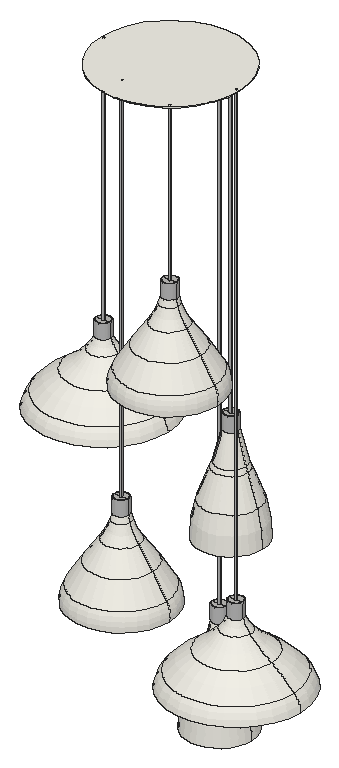
Revit family "Haworth_Swell_PendantSixandThreeLights", category Lighting Fixtures, Revit 2018
Family settings
  Round Connector Dimension = Use Diameter
  Part Type = Normal
  OmniClass Number = 23.80.70.11.14
  OmniClass Title = General Luminaries, Directional
  Work Plane-Based = No
  Always vertical = Yes
  Cut with Voids When Loaded = No
  Light Source = Yes
  Shared = No
  Room Calculation Point = No
Parameters (values of type "LSP6-3110")
  Wattage = 11 W
  built-in parameter 1150110 = 1 (stored number, unit not read)
  built-in parameter 1114217 = 1 (stored number, unit not read)
  Top Finish = Haworth _ Paint _ Collection White
  Tilt Angle = 60.00°
  Three Lights = no
  built-in parameter 1150109 = 1 (stored number, unit not read)
  built-in parameter 1150134 = (empty or 0)
  built-in parameter 1150113 = 1 (stored number, unit not read)
  Size = "Verify Final Dim. w/Haworth"  # constant formula
  Six Lights = not(Three Lights)  # yes
  Photometric Web File = "generic"
  built-in parameter 1150142 = (empty or 0)
  built-in parameter 1150105 = 63.901 (stored number, unit not read)
  Lumens = 803 lm
  built-in parameter 1150115 = 1 (stored number, unit not read)
  built-in parameter 1150137 = (empty or 0)
  built-in parameter 1150139 = (empty or 0)
  built-in parameter 1150112 = 1 (stored number, unit not read)
  built-in parameter 1150114 = 1 (stored number, unit not read)
  built-in parameter 1150132 = (empty or 0)
  built-in parameter 1150102 = (empty or 0)
  built-in parameter 1150107 = 3000 (stored number, unit not read)
  built-in parameter 1150138 = (empty or 0)
  built-in parameter 1150106 = 0.63901 (stored number, unit not read)
  Emit from Circle Diameter = 24"
  Emit Shape Visible in Rendering = no
  built-in parameter 1150104 = 6.7819 (stored number, unit not read)
  Dimming Lamp Color Temperature Shift = <None>
  Cords Finish = Haworth _ Paint _ Metallic Silver
  Wattage Comments = ""
  Warranty = "https://www.haworth.com/resources/product-info/warranties"
  URL - Product = "https://www.haworth.com/products/lighting/pendant/swell"
  URL = "http://www.haworth.com/our-brands/haworth-collection"
  Revision Number = "1"  # constant formula
  Model = "LSP6-3110"
  Manufacturer = "Haworth"  # constant formula
  Lamp Finish [instance] = Haworth _ Paint _ Collection White
  Glass Finish = Haworth _ Glass _ Clear
  Description = "Haworth Swell Pendants with Six Lights"
  Color Filter = 16777215
  built-in parameter 1114218 = 1 (stored number, unit not read)
  Author = "Haworth (Abd Rahman)"  # constant formula
  built-in parameter 1150133 = 10 (stored number, unit not read)
  Assembly Code = "D5020200"
  Actual Width = if(Three Lights, 28", 31 1/2")  # 31 1/2"
  Actual Height = 120"  # constant formula
Types (2): name | Three Lights | built-in parameter 1150134 | Six Lights | built-in parameter 1150107 | Model | Description | Actual Width
  LSP3-2810 | yes | 3 | no | 3200 (stored number, unit not read) | "LSP3-2810" | "Haworth Swell Pendants with Three Lights" | 28"
  LSP6-3110 | no | (empty or 0) | yes | 3000 (stored number, unit not read) | "LSP6-3110" | "Haworth Swell Pendants with Six Lights" | 31 1/2"
Reference planes (in)
  plane 1 "Center F/B": y = 8.82887
  plane 2 "Base": z = 0
  plane 3 "Center L/R": x = -16.34139
  plane 4 "Cord Top": z = 120
  plane 5: y = 20.82887
  plane 6: y = -3.51164
  plane 7 "Cord": z = 119.9243
  plane 8: x = -0.59139
  plane 9: x = -32.09139
Forms (in)
  Revolve 1, solid, material "Haworth _ Paint _ Metallic Silver" <- "Cords Finish", visible <- "Six Lights"
    sketch origin (8.04535, 8.82887, 0.58881) x (1, 0, 0) y (0, 0, 1)
      loop
        line (-16.34139, 119.33549) -> (-16.34139, 63.19439) -> (-16.216, 63.19439) -> (-16.216, 119.33549) -> (-16.34139, 119.33549)
      axis (-16.34139, 119.33549) -> (-16.34139, 63.19439)
    angle from 0 to 360
  Revolve 2, solid, material "Haworth _ Paint _ Metallic Silver" <- "Cords Finish"
    sketch origin (-7.95465, 8.82887, 0.58881) x (1, 0, 0) y (0, 0, 1)
      loop
        line (-16.65389, 119.33549) -> (-16.65389, 88.31237) -> (-16.5285, 88.31237) -> (-16.5285, 119.33549) -> (-16.65389, 119.33549)
      axis (-16.65389, 119.33549) -> (-16.65389, 88.31237)
    angle from 0 to 360
  Extrusion 3, solid, material "Haworth _ Paint _ Collection White" <- "Top Finish"
    sketch origin (0, -1.39874, 90.88819) x (0, 1, 0) y (-1, 0, 0)
      loop
        circle (10.2276, 16.34139) r 8.5
    from 29.03611 to 29.11181
  Revolve 4, solid, material "Haworth _ Paint _ Metallic Silver" <- "Cords Finish"
    sketch origin (-7.95465, 8.82887, 25.72936) x (1, 0, 0) y (0, 0, 1)
      loop
        line (-16.65389, 63.17182) -> (-16.65389, 63.07636) -> (-15.85704, 63.07636) -> (-15.85704, 63.17182) -> (-16.65389, 63.17182)
      axis (-16.65389, 63.17182) -> (-16.65389, 63.07636)
    angle from 0 to 360
  Revolve 5, solid, material "Haworth _ Paint _ Metallic Silver" <- "Cords Finish"
    sketch origin (-7.95465, 8.82887, 25.72936) x (1, 0, 0) y (0, 0, 1)
      loop
        line (-15.77963, 63.17182) -> (-16.65389, 63.17182) -> (-16.65389, 61.42871) -> (-15.77963, 61.42871) -> (-15.77963, 63.17182)
      axis (-16.65389, 63.17182) -> (-16.65389, 61.42871)
    angle from 0 to 360
  Revolve 6, solid, material "Haworth _ Paint _ Metallic Silver" <- "Cords Finish", visible <- "Six Lights"
    sketch origin (8.04093, 8.82887, 0.61138) x (1, 0, 0) y (0, 0, 1)
      loop
        line (-16.34139, 63.17182) -> (-16.34139, 63.07636) -> (-15.54454, 63.07636) -> (-15.54454, 63.17182) -> (-16.34139, 63.17182)
      axis (-16.34139, 63.17182) -> (-16.34139, 63.07636)
    angle from 0 to 360
  Revolve 7, solid, material "Haworth _ Paint _ Metallic Silver" <- "Cords Finish", visible <- "Six Lights"
    sketch origin (8.05655, 8.82887, 0.61138) x (1, 0, 0) y (0, 0, 1)
      loop
        line (-15.46713, 63.17182) -> (-16.34139, 63.17182) -> (-16.34139, 61.41027) -> (-15.46713, 61.41027) -> (-15.46713, 63.17182)
      axis (-16.34139, 63.17182) -> (-16.34139, 61.41027)
    angle from 0 to 360
  Revolve 8, solid, material "Haworth _ Paint _ Metallic Silver" <- "Cords Finish"
    sketch origin (4.90863, 2.57887, 0.58881) x (1, 0, 0) y (0, 0, 1)
      loop
        line (-16.34139, 119.33549) -> (-16.34139, 100.06237) -> (-16.216, 100.06237) -> (-16.216, 119.33549) -> (-16.34139, 119.33549)
      axis (-16.34139, 119.33549) -> (-16.34139, 100.06237)
    angle from 0 to 360
  Revolve 9, solid, material "Haworth _ Paint _ Metallic Silver" <- "Cords Finish"
    sketch origin (4.91574, 2.57887, 37.47936) x (1, 0, 0) y (0, 0, 1)
      loop
        line (-16.34139, 63.17182) -> (-16.34139, 63.07636) -> (-15.54454, 63.07636) -> (-15.54454, 63.17182) -> (-16.34139, 63.17182)
      axis (-16.34139, 63.17182) -> (-16.34139, 63.07636)
    angle from 0 to 360
  Revolve 10, solid, material "Haworth _ Paint _ Metallic Silver" <- "Cords Finish"
    sketch origin (4.91574, 2.57887, 37.47936) x (1, 0, 0) y (0, 0, 1)
      loop
        line (-15.46713, 63.17182) -> (-16.34139, 63.17182) -> (-16.34139, 61.41027) -> (-15.46713, 61.41027) -> (-15.46713, 63.17182)
      axis (-16.34139, 63.17182) -> (-16.34139, 61.41027)
    angle from 0 to 360
  Revolve 11, solid, material "Haworth _ Paint _ Metallic Silver" <- "Cords Finish", visible <- "Six Lights"
    sketch origin (-1.77036, 3.42722, 0.58881) x (1, 0, 0) y (0, 0, 1)
      loop
        line (-16.34139, 119.33549) -> (-16.34139, 73.48993) -> (-16.216, 73.48993) -> (-16.216, 119.33549) -> (-16.34139, 119.33549)
      axis (-16.34139, 119.33549) -> (-16.34139, 73.48993)
    angle from 0 to 360
  Revolve 12, solid, material "Haworth _ Paint _ Metallic Silver" <- "Cords Finish", visible <- "Six Lights"
    sketch origin (-1.74491, 3.42722, 10.90692) x (1, 0, 0) y (0, 0, 1)
      loop
        line (-16.34139, 63.17182) -> (-16.34139, 63.07636) -> (-15.54454, 63.07636) -> (-15.54454, 63.17182) -> (-16.34139, 63.17182)
      axis (-16.34139, 63.17182) -> (-16.34139, 63.07636)
    angle from 0 to 360
  Revolve 13, solid, material "Haworth _ Paint _ Metallic Silver" <- "Cords Finish", visible <- "Six Lights"
    sketch origin (-1.74491, 3.42722, 10.90692) x (1, 0, 0) y (0, 0, 1)
      loop
        line (-15.46713, 63.17182) -> (-16.34139, 63.17182) -> (-16.34139, 61.41027) -> (-15.46713, 61.41027) -> (-15.46713, 63.17182)
      axis (-16.34139, 63.17182) -> (-16.34139, 61.41027)
    angle from 0 to 360
  Revolve 14, solid, material "Haworth _ Paint _ Metallic Silver" <- "Cords Finish"
    sketch origin (4.16741, 12.83878, 0.56751) x (1, 0, 0) y (0, 0, 1)
      loop
        line (-16.34139, 119.33549) -> (-16.34139, 80.73993) -> (-16.216, 80.73993) -> (-16.216, 119.33549) -> (-16.34139, 119.33549)
      axis (-16.34139, 119.33549) -> (-16.34139, 80.73993)
    angle from 0 to 360
  Revolve 15, solid, material "Haworth _ Paint _ Metallic Silver" <- "Cords Finish"
    sketch origin (4.19286, 12.83878, 18.13563) x (1, 0, 0) y (0, 0, 1)
      loop
        line (-16.34139, 63.17182) -> (-16.34139, 63.07636) -> (-15.54454, 63.07636) -> (-15.54454, 63.17182) -> (-16.34139, 63.17182)
      axis (-16.34139, 63.17182) -> (-16.34139, 63.07636)
    angle from 0 to 360
  Revolve 16, solid, material "Haworth _ Paint _ Metallic Silver" <- "Cords Finish"
    sketch origin (4.19286, 12.83878, 18.13563) x (1, 0, 0) y (0, 0, 1)
      loop
        line (-15.46713, 63.17182) -> (-16.34139, 63.17182) -> (-16.34139, 61.41027) -> (-15.46713, 61.41027) -> (-15.46713, 63.17182)
      axis (-16.34139, 63.17182) -> (-16.34139, 61.41027)
    angle from 0 to 360
  Revolve 17, solid, material "Haworth _ Paint _ Metallic Silver" <- "Cords Finish", visible <- "Six Lights"
    sketch origin (-0.39865, 16.83161, -0.01272) x (1, 0, 0) y (0, 0, 1)
      loop
        line (-16.34139, 119.9243) -> (-16.34139, 56.86132) -> (-16.216, 56.86132) -> (-16.216, 119.9243) -> (-16.34139, 119.9243)
      axis (-16.34139, 119.9243) -> (-16.34139, 56.86132)
    angle from 0 to 360
  Revolve 18, solid, material "Haworth _ Paint _ Metallic Silver" <- "Cords Finish", visible <- "Six Lights"
    sketch origin (-0.39678, 16.83161, -6.32321) x (1, 0, 0) y (0, 0, 1)
      loop
        line (-16.34139, 63.17182) -> (-16.34139, 63.07636) -> (-15.54454, 63.07636) -> (-15.54454, 63.17182) -> (-16.34139, 63.17182)
      axis (-16.34139, 63.17182) -> (-16.34139, 63.07636)
    angle from 0 to 360
  Revolve 19, solid, material "Haworth _ Paint _ Metallic Silver" <- "Cords Finish", visible <- "Six Lights"
    sketch origin (-0.39678, 16.83161, -6.32321) x (1, 0, 0) y (0, 0, 1)
      loop
        line (-15.46713, 63.17182) -> (-16.34139, 63.17182) -> (-16.34139, 61.41027) -> (-15.46713, 61.41027) -> (-15.46713, 63.17182)
      axis (-16.34139, 63.17182) -> (-16.34139, 61.41027)
    angle from 0 to 360
Lines and regions (in)
  symbolic lines, style "Haworth", not visible
    curve 1: circle (-11.41812, 2.49268, 90.88819) r 0.87427 normal (0, 0, 1)
    curve 2: circle (-11.41812, 2.49268, 90.88819) r 0.79685 normal (0, 0, 1)
    curve 3: arc (-11.27297, 2.51299, 90.88819) -> (-11.46695, 2.61799, 90.88819) -> (-11.44879, 2.39816, 90.88819) r 0.12541
  symbolic lines, style "Haworth"
    curve 4: circle (-24.6077, 8.82887, 90.88819) r 0.87367 normal (0, 0, 1)
    curve 5: circle (-24.6077, 8.82887, 90.88819) r 0.79625 normal (0, 0, 1)
    curve 8: circle (-11.41457, 2.4925, 90.88819) r 0.87367 normal (0, 0, 1)
    curve 9: circle (-11.41457, 2.4925, 90.88819) r 0.79625 normal (0, 0, 1)
    curve 12: circle (-12.14498, 12.8386, 90.88819) r 0.87367 normal (0, 0, 1)
    curve 13: circle (-12.14498, 12.8386, 90.88819) r 0.79625 normal (0, 0, 1)
  symbolic lines, style "Haworth", visible <- "Six Lights"
    curve 6: circle (-18.08275, 3.42703, 90.88819) r 0.87367 normal (0, 0, 1)
    curve 7: circle (-18.08275, 3.42703, 90.88819) r 0.79625 normal (0, 0, 1)
    curve 10: circle (-8.32443, 8.82821, 90.88819) r 0.87367 normal (0, 0, 1)
    curve 11: circle (-8.32443, 8.82821, 90.88819) r 0.79625 normal (0, 0, 1)
    curve 14: circle (-16.73462, 16.83143, 90.88819) r 0.87367 normal (0, 0, 1)
    curve 15: circle (-16.73462, 16.83143, 90.88819) r 0.79625 normal (0, 0, 1)
Dimensions and locks (in)
  plane 5 to plane 6 = 24.34051"
  "Actual Height": plane 4 "Cord Top" to plane 2 "Base"
  equal spacing: plane 9, plane 3 "Center L/R", plane 8
  "Actual Width": plane 9 to plane 8
  aligned and locked: Revolve 1 sketch curve to Revolve 1 sketch curve
  aligned and locked: Revolve 2 sketch curve to Revolve 2 sketch curve
  aligned and locked: Extrusion 3 to plane 4 "Cord Top"
  aligned and locked: Extrusion 3 to plane 7 "Cord"
  aligned and locked: plane 7 "Cord" to Revolve 1
  aligned and locked: plane 7 "Cord" to Revolve 2  (x2)
  aligned and locked: Revolve 8 sketch curve to Revolve 8 sketch curve
  aligned and locked: Revolve 10 sketch curve to Revolve 9
  aligned and locked: Revolve 11 sketch curve to Revolve 11 sketch curve
  aligned and locked: Revolve 13 sketch curve to Revolve 12
  aligned and locked: Revolve 14 sketch curve to Revolve 14 sketch curve
  aligned and locked: Revolve 16 sketch curve to Revolve 15
  aligned and locked: Revolve 17 sketch curve to Revolve 17 sketch curve
  aligned and locked: Revolve 19 sketch curve to Revolve 18
  aligned and locked: Revolve 10 to Revolve 8
  aligned and locked: Revolve 5 to Revolve 2
  aligned and locked: Revolve 13 to Revolve 11
  aligned and locked: Revolve 16 to Revolve 14
  aligned and locked: Revolve 7 to Revolve 1
  aligned and locked: Revolve 19 to Revolve 17
  aligned and locked: nested 2 to Revolve 7
  aligned and locked: Revolve 19 to nested 6
  aligned and locked: Revolve 16 to nested 5
  aligned and locked: nested 3 to Revolve 13
  aligned and locked: Revolve 5 to nested 1
  aligned and locked: Revolve 10 to nested 4
  aligned and locked: Revolve 4 to Revolve 2
Automatic sketch dimensions
  plane 1 "Center F/B" to Extrusion 3 sketch curve = 0"
  Extrusion 3 sketch curve to plane 3 "Center L/R" = 0"
  Revolve 1 sketch curve to plane 7 "Cord" = 0"
  Revolve 1 sketch curve to Revolve 1 sketch curve = 0.12539"
  Revolve 1 sketch curve to plane 7 "Cord" = 56.1411"
  Revolve 1 sketch curve to plane 7 "Cord" = 0.07522"
  Revolve 1 sketch curve to Revolve 1 sketch curve = 0.10622"
  Revolve 2 sketch curve to plane 7 "Cord" = 0"
  Revolve 2 sketch curve to Revolve 2 sketch curve = 0.12539"
  Revolve 2 sketch curve to plane 7 "Cord" = 31.02312"
  Revolve 2 sketch curve to plane 7 "Cord" = 0.07522"
  Revolve 2 sketch curve to Revolve 2 sketch curve = 25.2242"
  Revolve 4 sketch curve to Revolve 4 sketch curve = 0.79685"
  Revolve 4 sketch curve to plane 7 "Cord" = 31.11858"
  Revolve 4 sketch curve to Revolve 4 sketch curve = 0.09546"
  Revolve 4 sketch curve to Revolve 4 sketch curve = 0"  (x3)
  Revolve 5 sketch curve to Revolve 5 sketch curve = 0.87427"
  Revolve 5 sketch curve to plane 7 "Cord" = 32.76622"
  Revolve 5 sketch curve to Revolve 5 sketch curve = 1.74311"
  Revolve 5 sketch curve to Revolve 5 sketch curve = 0"  (x2)
  Revolve 5 sketch curve to Revolve 5 sketch curve = 0.01845"
  Revolve 6 sketch curve to Revolve 6 sketch curve = 0.79685"
  Revolve 6 sketch curve to plane 7 "Cord" = 56.23656"
  Revolve 6 sketch curve to Revolve 6 sketch curve = 0.09546"
  Revolve 6 sketch curve to Revolve 6 sketch curve = 0"  (x3)
  Revolve 7 sketch curve to Revolve 7 sketch curve = 0.87427"
  Revolve 7 sketch curve to plane 7 "Cord" = 57.90265"
  Revolve 7 sketch curve to Revolve 7 sketch curve = 1.76155"
  Revolve 7 sketch curve to Revolve 7 sketch curve = 0"  (x3)
  Revolve 8 sketch curve to plane 7 "Cord" = 0"
  plane 3 "Center L/R" to Revolve 8 sketch curve = 4.90863"
  Revolve 8 sketch curve to Revolve 8 sketch curve = 0.12539"
  Revolve 8 sketch curve to plane 7 "Cord" = 19.27312"
  Revolve 8 sketch curve to plane 7 "Cord" = 0.07522"
  Revolve 8 sketch curve to Revolve 8 sketch curve = 36.9742"
  plane 3 "Center L/R" to Revolve 9 sketch curve = 4.91574"
  Revolve 9 sketch curve to Revolve 9 sketch curve = 0.79685"
  Revolve 9 sketch curve to plane 7 "Cord" = 19.36858"
  Revolve 9 sketch curve to Revolve 9 sketch curve = 0.09546"
  Revolve 9 sketch curve to Revolve 9 sketch curve = 0"  (x3)
  plane 3 "Center L/R" to Revolve 10 sketch curve = 4.91574"
  Revolve 10 sketch curve to Revolve 10 sketch curve = 0.87427"
  Revolve 10 sketch curve to Revolve 10 sketch curve = 1.76155"
  Revolve 10 sketch curve to Revolve 10 sketch curve = 0"  (x3)
  Revolve 11 sketch curve to plane 7 "Cord" = 0"
  Revolve 11 sketch curve to plane 3 "Center L/R" = 1.77036"
  Revolve 11 sketch curve to Revolve 11 sketch curve = 0.12539"
  Revolve 11 sketch curve to plane 7 "Cord" = 45.84556"
  Revolve 11 sketch curve to plane 7 "Cord" = 0.07522"
  Revolve 11 sketch curve to Revolve 11 sketch curve = 10.40176"
  Revolve 12 sketch curve to plane 3 "Center L/R" = 1.74491"
  Revolve 12 sketch curve to Revolve 12 sketch curve = 0.79685"
  Revolve 12 sketch curve to plane 7 "Cord" = 45.94102"
  Revolve 12 sketch curve to Revolve 12 sketch curve = 0.09546"
  Revolve 12 sketch curve to Revolve 12 sketch curve = 0"  (x3)
  Revolve 13 sketch curve to plane 3 "Center L/R" = 1.74491"
  Revolve 13 sketch curve to plane 3 "Center L/R" = 0.87064"
  Revolve 13 sketch curve to Revolve 13 sketch curve = 1.76155"
  Revolve 13 sketch curve to Revolve 13 sketch curve = 0"  (x3)
  Revolve 14 sketch curve to plane 7 "Cord" = 0.02129"
  plane 3 "Center L/R" to Revolve 14 sketch curve = 4.16741"
  Revolve 14 sketch curve to Revolve 14 sketch curve = 0.12539"
  Revolve 14 sketch curve to Revolve 14 sketch curve = 38.59556"
  Revolve 14 sketch curve to Revolve 14 sketch curve = 0.07522"
  Revolve 14 sketch curve to Revolve 14 sketch curve = 17.65176"
  plane 3 "Center L/R" to Revolve 15 sketch curve = 4.19286"
  Revolve 15 sketch curve to Revolve 15 sketch curve = 0.79685"
  Revolve 15 sketch curve to plane 7 "Cord" = 38.71231"
  Revolve 15 sketch curve to Revolve 15 sketch curve = 0.09546"
  Revolve 15 sketch curve to Revolve 15 sketch curve = 0"  (x3)
  plane 3 "Center L/R" to Revolve 16 sketch curve = 4.19286"
  Revolve 16 sketch curve to Revolve 16 sketch curve = 0.87427"
  Revolve 16 sketch curve to Revolve 16 sketch curve = 1.76155"
  Revolve 16 sketch curve to Revolve 16 sketch curve = 0"  (x3)
  Revolve 17 sketch curve to plane 7 "Cord" = 0.01272"
  Revolve 17 sketch curve to plane 3 "Center L/R" = 0.39865"
  Revolve 17 sketch curve to Revolve 17 sketch curve = 0.12539"
  level to Revolve 17 sketch curve = 56.84861"
  Revolve 17 sketch curve to Revolve 17 sketch curve = 0.66403"
  Revolve 17 sketch curve to Revolve 17 sketch curve = 6.22685"
  Revolve 18 sketch curve to plane 3 "Center L/R" = 0.39678"
  plane 3 "Center L/R" to Revolve 18 sketch curve = 0.40007"
  level to Revolve 18 sketch curve = 56.75315"
  Revolve 18 sketch curve to Revolve 18 sketch curve = 0.09546"
  Revolve 18 sketch curve to Revolve 18 sketch curve = 0"  (x3)
  Revolve 19 sketch curve to plane 3 "Center L/R" = 0.39678"
  plane 3 "Center L/R" to Revolve 19 sketch curve = 0.47748"
  Revolve 19 sketch curve to Revolve 19 sketch curve = 1.76155"
  Revolve 19 sketch curve to Revolve 19 sketch curve = 0"  (x3)
  curve 1 to curve 2 = 0"  (x2)
  curve 4 to curve 5 = 0"  (x3)
  curve 6 to curve 7 = 0"  (x2)
  curve 8 to curve 9 = 0"  (x2)
  curve 10 to curve 11 = 0"  (x2)
  curve 12 to curve 13 = 0"  (x2)
  curve 14 to curve 15 = 0"  (x2)
  plane 1 "Center F/B" to curve 11 = 0.00066"
  curve 6 to plane 3 "Center L/R" = 1.74136"
  plane 1 "Center F/B" to curve 6 = 5.40183"
  plane 6 to curve 3 = 6.02463"
  curve 8 to curve 1 = 0.00018"
  curve 13 to plane 1 "Center F/B" = 4.00973"
  curve 15 to plane 3 "Center L/R" = 0.39323"
  curve 15 to plane 5 = 3.99743"
  plane 3 "Center L/R" to curve 1 = 4.92327"
  curve 9 to curve 1 = 0.00355"
  curve 3 to curve 8 = 0.01619"
  curve 10 to curve 12 = 3.82054"
  curve 3 to curve 3 = 0.11483"
  plane 1 "Center F/B" to curve 5 = 0"
  curve 8 to curve 3 = 0.02049"
  curve 3 to curve 3 = 0.12541"
  curve 10 to curve 3 = 2.94854"
  plane 3 "Center L/R" to Revolve 1 sketch curve = 8.04535"
  plane 3 "Center L/R" to Revolve 6 sketch curve = 8.04093"
  plane 3 "Center L/R" to Revolve 7 sketch curve = 8.05655"
  curve 4 to plane 3 "Center L/R" = 8.26631"
  Revolve 2 sketch curve to plane 3 "Center L/R" = 8.26715"
  Revolve 4 sketch curve to plane 3 "Center L/R" = 8.26715"
  Revolve 5 sketch curve to plane 3 "Center L/R" = 8.26715"
  radius of Extrusion 3 sketch curve = 8 1/2"
  radius of curve 1 = 0.87427"
  radius of curve 2 = 0.79685"
  radius of curve 4 = 0.87367"
  radius of curve 5 = 0.79625"
  radius of curve 6 = 0.87367"
  radius of curve 7 = 0.79625"
  radius of curve 8 = 0.87367"
  radius of curve 9 = 0.79625"
  radius of curve 10 = 0.87367"
  radius of curve 11 = 0.79625"
  radius of curve 12 = 0.87367"
  radius of curve 13 = 0.79625"
  radius of curve 14 = 0.87367"
  radius of curve 15 = 0.79625"
Nested families (in)
  nested 1: "Haworth_Swell_Lamp" at (-8.26754, 0.01488, 25.74781), Lamp Finish <- "Lamp Finish", type "Large"
    with Small no, Medium no, Large yes, Lamp Finish Haworth _ Paint _ Collection White
  nested 2: "Haworth_Swell_Lamp" at (8.0625, 0.01488, 0.61138), visible <- "Six Lights", Lamp Finish <- "Lamp Finish", type "Large"
    with Small no, Medium no, Large yes, Lamp Finish Haworth _ Paint _ Collection White
  nested 3: "Haworth_Swell_Lamp" at (-1.74454, -5.36156, 10.90692), visible <- "Six Lights", Lamp Finish <- "Lamp Finish", type "Medium"
    with Small no, Medium yes, Large no, Lamp Finish Haworth _ Paint _ Collection White
  nested 4: "Haworth_Swell_Lamp" at (4.91561, -6.31711, 37.47936), Lamp Finish <- "Lamp Finish", type "Medium"
    with Small no, Medium yes, Large no, Lamp Finish Haworth _ Paint _ Collection White
  nested 5: "Haworth_Swell_Lamp" at (4.19686, 4.02153, 18.13563), Lamp Finish <- "Lamp Finish", type "Small"
    with Small yes, Medium no, Large no, Lamp Finish Haworth _ Paint _ Collection White
  nested 6: "Haworth_Swell_Lamp" at (-0.37736, 8.00479, -6.32321), visible <- "Six Lights", Lamp Finish <- "Lamp Finish", type "Small"
    with Small yes, Medium no, Large no, Lamp Finish Haworth _ Paint _ Collection White
Connectors (in)
  electrical at (-16.34139, 8.82887, 120)
    settings: on Extrusion 3, index 1, voltage 0 V, apparent load 0 VA, apparent load phase1 0 VA, apparent load phase2 0 VA, apparent load phase3 0 VA, power factor 1, load classification "Other", number of poles 1, system type 31, power factor state 1, is connector primary yes, connector utility no, sub classification motor no, connector description ""
Definition of nested family "Haworth_Swell_Lamp"
  Parameters (values of type "LSP1-1610")
    Wattage Comments = ""
    Wattage = 11 W
    built-in parameter 1150110 = 1 (stored number, unit not read)
    built-in parameter 1114217 = 1 (stored number, unit not read)
    Tilt Angle = 60.00°
    built-in parameter 1150109 = 1 (stored number, unit not read)
    built-in parameter 1150134 = (empty or 0)
    built-in parameter 1150113 = 1 (stored number, unit not read)
    Small [instance] = no
    Size = "Verify Final Dim. w/Haworth"  # constant formula
    Photometric Web File = "generic"
    built-in parameter 1150142 = (empty or 0)
    Medium [instance] = no
    built-in parameter 1150105 = 63.901 (stored number, unit not read)
    Lumens = 803 lm
    built-in parameter 1150115 = 1 (stored number, unit not read)
    built-in parameter 1150137 = (empty or 0)
    built-in parameter 1150139 = (empty or 0)
    Large [instance] = yes
    built-in parameter 1150112 = 1 (stored number, unit not read)
    built-in parameter 1150114 = 1 (stored number, unit not read)
    Interior Finish = none
    built-in parameter 1150132 = (empty or 0)
    built-in parameter 1150102 = (empty or 0)
    built-in parameter 1150107 = 3000 (stored number, unit not read)
    built-in parameter 1150138 = (empty or 0)
    built-in parameter 1150106 = 0.63901 (stored number, unit not read)
    Emit from Circle Diameter = 24"
    Emit Shape Visible in Rendering = no
    built-in parameter 1150104 = 6.7819 (stored number, unit not read)
    Dimming Lamp Color Temperature Shift = (empty or 0)
    Color Filter = 16777215
    Warranty = "https://www.haworth.com/resources/product-info/warranties"
    URL - Product = "https://www.haworth.com/products/lighting/pendant/swell"
    URL = "http://www.haworth.com/our-brands/haworth-collection"
    Revision Number = "1"  # constant formula
    Model = "LSP1-1610"
    Manufacturer = "Haworth"  # constant formula
    Lamp Finish [instance] = none
    Glass Finish = none
    Description = "Haworth Swell\""
    built-in parameter 1114218 = 1 (stored number, unit not read)
    Author = "Haworth (Abd Rahman)"  # constant formula
    built-in parameter 1150133 = 10 (stored number, unit not read)
    Assembly Code = "D5020200"
    Actual Width = 24"  # constant formula
    Actual Height = 10"  # constant formula
    Actual Depth = 24"  # constant formula
  Reference planes (in)
    plane 1 "Center F/B": y = 8.82887
    plane 2 "Base": z = 0
    plane 3 "Center L/R": x = -16.34139
    plane 4: x = -24.34139
    plane 5: x = -8.34139
    plane 6: y = 16.82887
    plane 7: y = 0.82887
  Forms (in)
    Revolve 1, solid, material <- "Lamp Finish", visible <- "Large"
      sketch origin (0, 8.82887, 0) x (1, 0, 0) y (0, 0, 1)
        loop
          arc (-8.34139, 53.52668) -> (-8.64289, 54.4871) -> (-9.19615, 55.32805) r 3.63614
          arc (-9.19615, 55.32805) -> (-10.50598, 56.62104) -> (-11.9858, 57.71538) r 12.95588
          arc (-11.9858, 57.71538) -> (-13.3787, 58.74808) -> (-14.60823, 59.97073) r 12
          arc (-14.60823, 59.97073) -> (-15.10188, 60.65219) -> (-15.46713, 61.41027) r 4.73535
          line (-15.46713, 61.41027) -> (-15.57549, 61.41027)
          arc (-15.57549, 61.41027) -> (-15.19885, 60.61656) -> (-14.68486, 59.90408) r 4.83691
          arc (-14.68486, 59.90408) -> (-13.44492, 58.67108) -> (-12.04024, 57.62964) r 12.10156
          arc (-12.04024, 57.62964) -> (-10.57201, 56.54388) -> (-9.27245, 55.26102) r 12.85432
          arc (-9.27245, 55.26102) -> (-8.73464, 54.44356) -> (-8.44157, 53.50997) r 3.53458
          line (-8.44157, 53.50997) -> (-8.34139, 53.52668)
        axis (-16.34139, 61.41027) -> (-16.34139, 53.50997)
      angle from 0 to 360
    Revolve 2, solid, material <- "Lamp Finish", visible <- "Medium"
      sketch origin (0, 8.82887, 0) x (1, 0, 0) y (0, 0, 1)
        loop
          arc (-10.8012, 53.50997) -> (-11.61647, 54.84202) -> (-12.50384, 56.12717) r 28.35728
          arc (-12.50384, 56.12717) -> (-13.37857, 57.34071) -> (-14.23551, 58.56687) r 102.56906
          arc (-14.23551, 58.56687) -> (-14.82885, 59.5815) -> (-15.26711, 60.67212) r 8
          arc (-15.26711, 60.67212) -> (-15.37523, 61.039) -> (-15.46713, 61.41027) r 8.70317
          line (-15.46713, 61.41027) -> (-15.57118, 61.41027)
          arc (-15.57118, 61.41027) -> (-15.47623, 61.02343) -> (-15.36387, 60.64128) r 8.80473
          arc (-15.36387, 60.64128) -> (-14.92005, 59.53681) -> (-14.31918, 58.5093) r 8.10156
          arc (-14.31918, 58.5093) -> (-13.46139, 57.28192) -> (-12.5858, 56.06718) r 102.67062
          arc (-12.5858, 56.06718) -> (-11.7016, 54.78664) -> (-10.88925, 53.45936) r 28.25572
          arc (-10.88925, 53.45936) -> (-10.52055, 52.48882) -> (-10.47302, 51.4517) r 3.28614
          line (-10.47302, 51.4517) -> (-10.37083, 51.4517)
          arc (-10.37083, 51.4517) -> (-10.42227, 52.51507) -> (-10.8012, 53.50997) r 3.3877
        axis (-16.34139, 61.41027) -> (-16.34139, 51.4517)
      angle from 0 to 360
    Revolve 3, solid, material <- "Lamp Finish", visible <- "Small"
      sketch origin (0, 8.82887, 0) x (1, 0, 0) y (0, 0, 1)
        loop
          line (-15.49506, 61.41027) -> (-15.59792, 61.41027)
          arc (-15.59792, 61.41027) -> (-15.2102, 59.55642) -> (-14.64788, 57.74785) r 19.88718
          arc (-14.64788, 57.74785) -> (-14.52716, 57.43632) -> (-14.39369, 57.13003) r 8.10156
          arc (-14.39369, 57.13003) -> (-13.6727, 55.41442) -> (-13.06897, 53.65412) r 27.59713
          arc (-13.06897, 53.65412) -> (-12.60668, 51.57707) -> (-12.47129, 49.4535) r 13.71211
          line (-12.47129, 49.4535) -> (-12.36972, 49.4535)
          arc (-12.36972, 49.4535) -> (-12.50623, 51.59208) -> (-12.97185, 53.68381) r 13.81367
          arc (-12.97185, 53.68381) -> (-13.5778, 55.45059) -> (-14.30144, 57.17251) r 27.69869
          arc (-14.30144, 57.17251) -> (-14.43323, 57.47496) -> (-14.55245, 57.78259) r 8
          arc (-14.55245, 57.78259) -> (-15.10985, 59.57406) -> (-15.49506, 61.41027) r 19.78562
        axis (-16.34139, 49.4535) -> (-16.34139, 61.41027)
      angle from 0 to 360
    Revolve 4, solid, material <- "Glass Finish"
      sketch origin (0, 8.82887, 0) x (1, 0, 0) y (0, 0, 1)
        loop
          line (-15.59106, 61.41027) -> (-15.69708, 61.41027)
          arc (-15.69708, 61.41027) -> (-15.5311, 60.47676) -> (-15.58934, 59.5304) r 4.00299
          line (-15.58934, 59.5304) -> (-15.65302, 59.5304)
          arc (-15.65302, 59.5304) -> (-15.56408, 59.02761) -> (-15.32462, 58.57664) r 1.6378
          arc (-15.32462, 58.57664) -> (-15.3004, 58.48763) -> (-15.344, 58.40635) r 0.12465
          line (-15.344, 58.40635) -> (-15.26556, 58.40635)
          arc (-15.26556, 58.40635) -> (-15.17866, 58.51476) -> (-15.24344, 58.63767) r 0.12669
          arc (-15.24344, 58.63767) -> (-15.46805, 59.06067) -> (-15.55148, 59.53229) r 1.53624
          line (-15.55148, 59.53229) -> (-15.48581, 59.53229)
          arc (-15.48581, 59.53229) -> (-15.42941, 60.47739) -> (-15.59106, 61.41027) r 4.10456
        axis (-16.34139, 61.41027) -> (-16.34139, 58.40635)
      angle from 0 to 360
  Lines and regions (in)
    Masking region 1, visible <- "Large"
      outline origin (0, 0, 0) x (1, 0, 0) y (0, 1, 0)
        loop
          circle (-16.34139, 8.82887) r 8
        loop
          circle (-16.34139, 8.82887) r 7.89982
    Masking region 2, visible <- "Medium"
      outline origin (0, 0, 0) x (1, 0, 0) y (0, 1, 0)
        loop
          circle (-16.34139, 8.82887) r 5.97056
        loop
          circle (-16.34139, 8.82887) r 5.86837
    Masking region 3, visible <- "Small"
      outline origin (0, 0, 0) x (1, 0, 0) y (0, 1, 0)
        loop
          circle (-16.34139, 8.82887) r 3.97167
        loop
          circle (-16.34139, 8.82887) r 3.8701
    symbolic lines, detail levels medium+fine
      curve 1: circle (-16.34139, 8.82887, 0) r 1.16565 normal (0, 0, 1)
      curve 2: circle (-16.34139, 8.82887, 0) r 1.09796 normal (0, 0, 1)
  Dimensions and locks (in)
    plane 6 to plane 7 = 16"
    plane 5 to plane 4 = 16"
    Revolve 1 sketch curve to plane 5 = 8"
    aligned and locked: plane 5 to Revolve 1
    aligned and locked: plane 4 to Revolve 1
    aligned and locked: Revolve 3 to Revolve 4
